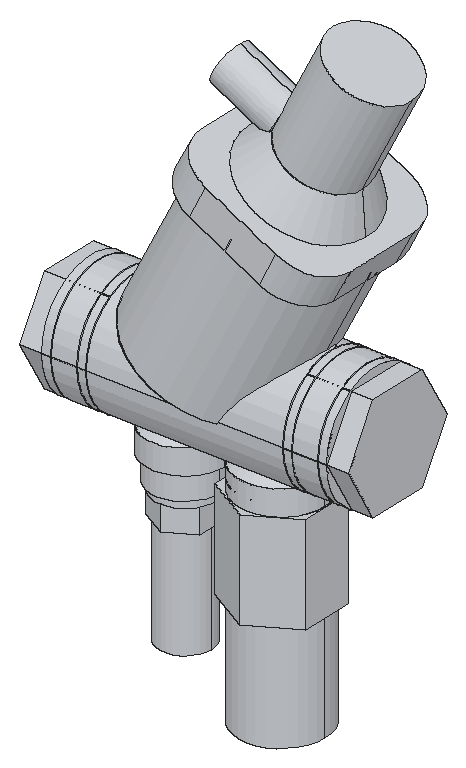
Revit family "PV_Compact_DN015_ 20-60_FF_měř-vyp_RFA_2019", category Pipe Accessories, Revit 2019
Family settings
  Round Connector Dimension = Use Diameter
  Part Type = Valve - Breaks Into
  Work Plane-Based = No
  Always vertical = Yes
  Cut with Voids When Loaded = No
  Shared = No
Parameters (values of type "PV Compact DN15 FF s měřením a vypouštěním (20-60kPa)")
  magiProductId = "ebd4dd38c61a47e78db1b31e427098"
  magiProductFamilyId = "88c57951ecb64b5d83dd1d4eb8fc72"
  magiPartTypeId = 304
  isMeasuringValve [instance] = no
  ang2D [instance] = 0.00°
  Z7 = 15 mm
  Z6 = 24.6 mm
  Z5 = 57.4 mm
  Z4 = 49.2 mm
  Z3 = 8.2 mm
  Z2 = 41 mm
  XR3 = 30 mm
  XR2 = 25 mm
  XR1 = 13 mm
  W2D = 15 mm
  VersionID = "2.0/2018.12.13.2/FRESE_PV_COMPACT_PLUG_Q13_001"
  Use Minimum Symbol Size [instance] = no
  URL = "www.hydronic.cz"
  Type Comments = "závitový s vnitřním závitem; s měřicí vsuvkou a vypouštěním; PN25; dpmax=450kPa; -10~+120°C"
  R5 = 5 mm
  R4 = 15 mm
  R3 = 10 mm
  R2 = 14 mm
  R1 = 19 mm
  QmdConnectorList = "301;D;302;D"
  Productdata [instance] = ""
  PH__ve = -PH  # -22.4 mm
  PH = 22.4 mm
  NL__ve = -NL  # -15 mm
  NL = 15 mm
  Manufacturer = "Hydronic Systems Prague s.r.o."
  MC Use Limits From Balancing Method = no
  MC Throttling Minimum Value = 0
  MC Throttling Maximum Value = 0
  MC Product Code = "53-3243 DN15; FF; nastavitelný rozsah dp=20~60kPa; Q=100~1000l/h;  kvs=2,9"
  MC Pressure Drop Minimum Value = 0.0 Pa
  MC Pressure Drop Maximum Value = 0.0 Pa
  MC Piping Given Pressure Drop [instance] = 0.0 Pa
  M5 = 32.5 mm
  M4 = 30.5 mm
  M3 = 24.5 mm
  M2 = 22.5 mm
  LP = 37.5 mm
  LM = 45 mm
  LL__ve = -LL  # -5.7 mm
  LLT__ve = -LLT  # -14.9 mm
  LLT = 14.9 mm
  LL2 = 32 mm
  LL = 5.7 mm
  L3 = 11 mm
  L2D_Min = 30.48 mm
  L2D = 65 mm
  Description = "Nastavitelný regulátor tlakové diference"
  DR1 = yes
  DR0 = no
  DL2 = 66 mm
  D = 15 mm
  CenSd_R2_6 = R2 * cos(30.00°)  # 12.124 mm
  CAT0 = yes
  C0D1 = yes
  C0D0 = no
Types (10, lengths in mm): name | magiProductId | Z6 | Z5 | Z4 | Z3 | Z2 | XR3 | XR2 | XR1 | R2 | R1 | PH__ve | PH | NL__ve | NL | MC Product Code | M5 | M4 | M3 | M2 | LP | LM | LL__ve | LLT__ve | LLT | LL2 | LL | L3 | DL2 | D | CenSd_R2_6
  PV Compact DN15 FF s měřením a vypouštěním (20-60kPa) | "ebd4dd38c61a47e78db1b31e427098" | 24.6 | 57.4 | 49.2 | 8.2 | 41 | 30 | 25 | 13 | 14 | 19 | -22.4 | 22.4 | -15 | 15 | "53-3243 DN15; FF; nastavitelný rozsah dp=20~60kPa; Q=100~1000l/h;  kvs=2,9" | 32.5 | 30.5 | 24.5 | 22.5 | 37.5 | 45 | -5.7 | -14.9 | 14.9 | 32 | 5.7 | 11 | 66 | 15 | 12.124
  PV Compact DN15 FF s měřením a vypouštěním ( 5-30kPa) | "1e13aaf8f1b54965adca1ab26bd771" | 24.6 | 57.4 | 49.2 | 8.2 | 41 | 30 | 25 | 13 | 14 | 19 | -22.4 | 22.4 | -15 | 15 | "53-3242 DN15; FF; nastavitelný rozsah dp=5~30kPa; Q=50~600l/h;  kvs=2,9" | 32.5 | 30.5 | 24.5 | 22.5 | 37.5 | 45 | -5.7 | -14.9 | 14.9 | 32 | 5.7 | 11 | 66 | 15 | 12.124
  PV Compact DN20 FF s měřením a vypouštěním (20-60kPa) | "6d4e29c475624129ae1d8630218e83" | 24.6 | 57.4 | 49.2 | 8.2 | 41 | 30 | 25 | 13 | 14 | 19 | -22.4 | 22.4 | -15.8 | 15.8 | "53-3245 DN20; FF; nastavitelný rozsah dp=20~60kPa; Q=150~2000l/h;  kvs=3,5" | 33.7 | 31.7 | 25.7 | 23.7 | 39.5 | 47.4 | -5.7 | -14.9 | 14.9 | 32 | 5.7 | 11 | 66 | 20 | 12.124
  PV Compact DN20 FF s měřením a vypouštěním ( 5-30kPa) | "3c7d936801344d2a9486b3d5f20c15" | 24.6 | 57.4 | 49.2 | 8.2 | 41 | 30 | 25 | 13 | 14 | 19 | -22.4 | 22.4 | -15.8 | 15.8 | "53-3244 DN20; FF; nastavitelný rozsah dp=5~30kPa; Q=100~1000l/h;  kvs=3,5" | 33.7 | 31.7 | 25.7 | 23.7 | 39.5 | 47.4 | -5.7 | -14.9 | 14.9 | 32 | 5.7 | 11 | 66 | 20 | 12.124
  PV Compact DN25 FF s měřením a vypouštěním ( 5-30kPa) | "40b783a088714ff8af367f7ba18a04" | 25.5 | 59.5 | 51 | 8.5 | 42.5 | 30 | 25 | 13 | 14 | 19 | -22.8 | 22.8 | -16.6 | 16.6 | "53-3251 DN25; FF; nastavitelný rozsah dp=5~30kPa; Q=600~2100l/h;  kvs=4,0" | 34.9 | 32.9 | 26.9 | 24.9 | 41.5 | 49.8 | -5.9 | -16.3 | 16.3 | 34 | 5.9 | 11 | 68 | 25 | 12.124
  PV Compact DN25L FF s měřením a vypouštěním (20-80kPa) | "7052257d0cc94620b8f60c4ac85ccd" | 40.2 | 93.8 | 80.4 | 13.4 | 67 | 42.5 | 37.5 | 25.5 | 26.5 | 31.5 | -23.6 | 23.6 | -20 | 20 | "53-3247 DN25; FF; nastavitelný rozsah dp=20~80kPa; Q=750~4200l/h;  kvs=8,7" | 40 | 38 | 32 | 30 | 50 | 60 | -6.3 | -19.1 | 19.1 | 38 | 6.3 | 11 | 72 | 25 | 22.95
  PV Compact DN25L FF s měřením a vypouštěním ( 5-30kPa) | "006ff7ff77e34fd39e52f3f4c37192" | 40.2 | 93.8 | 80.4 | 13.4 | 67 | 42.5 | 37.5 | 25.5 | 26.5 | 31.5 | -23.6 | 23.6 | -20 | 20 | "53-3246 DN25L; FF; nastavitelný rozsah dp=5~30kPa; Q=600~2500l/h;  kvs=8,7" | 40 | 38 | 32 | 30 | 50 | 60 | -6.3 | -19.1 | 19.1 | 38 | 6.3 | 11 | 72 | 25 | 22.95
  PV Compact DN32 FF s měřením a vypouštěním (20-80kPa) | "e53839f5e58040c69ad69dcf8b7122" | 40.2 | 93.8 | 80.4 | 13.4 | 67 | 42.5 | 37.5 | 25.5 | 26.5 | 31.5 | -24.6 | 24.6 | -20.8 | 20.8 | "53-3248 DN32; FF; nastavitelný rozsah dp=20~80kPa; Q=1000~5000l/h;  kvs=10,1" | 41.2 | 39.2 | 33.2 | 31.2 | 52 | 62.4 | -6.8 | -22.6 | 22.6 | 43 | 6.8 | 25 | 77 | 32 | 22.95
  PV Compact DN40 FF s měřením a vypouštěním (20-80kPa) | "edae53f0ee9843aa9c005a0dbc2db4" | 46.8 | 109.2 | 93.6 | 15.6 | 78 | 42.5 | 37.5 | 25.5 | 26.5 | 31.5 | -25.2 | 25.2 | -27.6 | 27.6 | "53-3249 DN40; FF; nastavitelný rozsah dp=20~80kPa; Q=3000~8000l/h;  kvs=15,8" | 51.4 | 49.4 | 43.4 | 41.4 | 69 | 82.8 | -7.1 | -24.7 | 24.7 | 46 | 7.1 | 25 | 80 | 40 | 22.95
  PV Compact DN50 FF s měřením a vypouštěním (20-80kPa) | "7572286e99104aaeaae4a504f9a6dd" | 46.8 | 109.2 | 93.6 | 15.6 | 78 | 42.5 | 37.5 | 25.5 | 35.25 | 31.5 | -26.4 | 26.4 | -27.6 | 27.6 | "53-3250 DN50; FF; nastavitelný rozsah dp=20~80kPa; Q=5000~11500l/h;  kvs=16,2" | 51.4 | 49.4 | 43.4 | 41.4 | 69 | 82.8 | -7.7 | -28.9 | 28.9 | 52 | 7.7 | 25 | 86 | 50 | 30.527
Reference planes
  plane 1 "Center (Front/Back)": y = 0
  plane 2 "XYPLANE": z = 0
  plane 3 "Center (Left/Right)": x = 0
  plane 4 "408": x = 37.5
  plane 5 "407": x = -37.5
  plane 6 "402": z = -66
  plane 7 "213": x = 11
  plane 8 "168": z = -10.9
  plane 9 "167": z = -12.9
  plane 10 "166": z = -18.6
  plane 11 "165": z = -24.3
  plane 12 "164": z = -26.3
  plane 13 "154": z = 0
  plane 14 "152": y = 0
  plane 15 "151": z = -32
  plane 16 "150": x = -11
  plane 17 "75": through (318.218, 0, 679.605) normal (0.891, 0, -0.454)
  plane 18 "74": x = 32.5
  plane 19 "73": x = 30.5
  plane 20 "72": x = 24.5
  plane 21 "71": x = 22.5
  plane 22 "70": x = -32.5
  plane 23 "69": x = -30.5
  plane 24 "68": x = -24.5
  plane 25 "67": y = 0
  plane 26 "66": through (-666.893, 0, 343.166) normal (0.454, 0, 0.891)
  plane 27 "65": x = -22.5
  plane 28 "64": through (335.147, 0, 670.979) normal (0.891, 0, -0.454)
  plane 29 "63": through (-649.641, 0, 377.024) normal (0.454, 0, 0.891)
  plane 30 "62": through (352.076, 0, 662.353) normal (0.891, 0, -0.454)
  plane 31 "61": y = 19
  plane 32 "60": y = -19
  plane 33 "59": through (-645.919, 0, 384.33) normal (0.454, 0, 0.891)
  plane 34 "58": through (-642.196, 0, 391.637) normal (0.454, 0, 0.891)
  plane 35 "57": through (313.763, 0, 681.875) normal (0.891, 0, -0.454)
  plane 36 "56": x = 0
  plane 37 "55": through (-668.255, 0, 340.493) normal (0.454, 0, 0.891)
  plane 38 "102XY": through (-668.255, 0, 340.493) normal (0.454, 0, 0.891)
  plane 39 "102XZ": y = 0
  plane 40 "102YZ": through (340.493, 0, 668.255) normal (0.891, 0, -0.454)
Forms (mm)
  Extrusion 1, solid
    sketch origin (37.5, -750, 0) x (0, 1, 0) y (0, 0, 1)
      loop
        line (764, 0) -> (757, 12.124) -> (743, 12.124) -> (736, 0) -> (743, -12.124) -> (757, -12.124) -> (764, 0)
    from 0 to -15 <- "NL__ve"
  Extrusion 2, solid
    sketch origin (-37.5, -750, 0) x (0, 1, 0) y (0, 0, 1)
      loop
        line (736, 0) -> (743, -12.124) -> (757, -12.124) -> (764, 0) -> (757, 12.124) -> (743, 12.124) -> (736, 0)
    from 0 to 15 <- "NL"
  Extrusion 3, solid, visible <- "C0D1"
    sketch origin (-750, 0, -66) x (1, 0, 0) y (0, 1, 0)
      loop
        circle (761, 0) r 10
    from 0 to 50
  Extrusion 4, solid, visible <- "DR1"
    sketch origin (-750, 0, -18.6) x (1, 0, 0) y (0, 1, 0)
      loop
        line (761, -12) -> (771.392, -6) -> (771.392, 6) -> (761, 12) -> (750.608, 6) -> (750.608, -6) -> (761, -12)
    from 0 to -22.4 <- "PH__ve"
  Extrusion 5, solid, visible <- "DR1"
    sketch origin (-750, 0, -18.6) x (1, 0, 0) y (0, 1, 0)
      loop
        circle (761, 0) r 10
    from 0 to 5.7 <- "LL"
  Blend 6, solid, visible <- "DR1"
    base sketch origin (-750, 0, -10.9) x (1, 0, 0) y (0, 1, 0)
      loop
        circle (761, 0) r 7.5
    top sketch origin (-750, 0, -10.9) x (1, 0, 0) y (0, 1, 0)
      loop
        circle (761, 0) r 10
    from 0 to -2
  Extrusion 7, solid, visible <- "DR1"
    sketch origin (-750, 0, 0) x (1, 0, 0) y (0, 1, 0)
      loop
        circle (761, 0) r 7.5
    from 0 to -14.9 <- "LLT__ve"
  Extrusion 8, solid, visible <- "C0D0"
    sketch origin (-750, 0, -32) x (1, 0, 0) y (0, 1, 0)
      loop
        circle (761, 0) r 6
    from 0 to -25
  Extrusion 9, solid, visible <- "DR0"
    sketch origin (-750, 0, -26.3) x (1, 0, 0) y (0, 1, 0)
      loop
        line (761, -7) -> (767.062, -3.5) -> (767.062, 3.5) -> (761, 7) -> (754.938, 3.5) -> (754.938, -3.5) -> (761, -7)
    from 0 to -5.7 <- "LL__ve"
  Extrusion 10, solid, visible <- "DR0"
    sketch origin (-750, 0, -26.3) x (1, 0, 0) y (0, 1, 0)
      loop
        circle (761, 0) r 7
    from 0 to 2
  Extrusion 11, solid, visible <- "DR0"
    sketch origin (-750, 0, -18.6) x (1, 0, 0) y (0, 1, 0)
      loop
        circle (761, 0) r 9
    from 0 to 5.7 <- "LL"
  Blend 12, solid, visible <- "DR0"
    base sketch origin (-750, 0, -10.9) x (1, 0, 0) y (0, 1, 0)
      loop
        circle (761, 0) r 6.5
    top sketch origin (-750, 0, -10.9) x (1, 0, 0) y (0, 1, 0)
      loop
        circle (761, 0) r 9
    from 0 to -2
  Extrusion 13, solid, visible <- "DR0"
    sketch origin (-750, 0, 0) x (1, 0, 0) y (0, 1, 0)
      loop
        circle (761, 0) r 6.5
    from 0 to -14.9 <- "LLT__ve"
  Extrusion 14, solid, visible <- "DR0"
    sketch origin (-750, 0, 0) x (1, 0, 0) y (0, 1, 0)
      loop
        circle (761, 0) r 6.5
    from 0 to -14.9 <- "LLT__ve"
  Blend 15, solid, visible <- "DR0"
    base sketch origin (-750, 0, -10.9) x (1, 0, 0) y (0, 1, 0)
      loop
        circle (761, 0) r 6.5
    top sketch origin (-750, 0, -10.9) x (1, 0, 0) y (0, 1, 0)
      loop
        circle (761, 0) r 9
    from 0 to -2
  Extrusion 16, solid, visible <- "DR0"
    sketch origin (-750, 0, -18.6) x (1, 0, 0) y (0, 1, 0)
      loop
        circle (761, 0) r 9
    from 0 to 5.7 <- "LL"
  Extrusion 17, solid, visible <- "DR0"
    sketch origin (-750, 0, -24.3) x (1, 0, 0) y (0, 1, 0)
      loop
        circle (761, 0) r 8
    from 0 to 5.7 <- "LL"
  Extrusion 18, solid, visible <- "DR0"
    sketch origin (-750, 0, -26.3) x (1, 0, 0) y (0, 1, 0)
      loop
        circle (761, 0) r 7
    from 0 to 2
  Extrusion 19, solid, visible <- "DR0"
    sketch origin (-750, 0, -26.3) x (1, 0, 0) y (0, 1, 0)
      loop
        line (761, -7) -> (767.062, -3.5) -> (767.062, 3.5) -> (761, 7) -> (754.938, 3.5) -> (754.938, -3.5) -> (761, -7)
    from 0 to -5.7 <- "LL__ve"
  Extrusion 20, solid, visible <- "C0D0"
    sketch origin (-750, 0, -32) x (1, 0, 0) y (0, 1, 0)
      loop
        circle (761, 0) r 6
    from 0 to -25
  Extrusion 21, solid, visible <- "CAT0"
    sketch origin (-750, 0, -32) x (1, 0, 0) y (0, 1, 0)
      loop
        circle (739, 0) r 6
    from 0 to -25
  Extrusion 22, solid
    sketch origin (-750, 0, -26.3) x (1, 0, 0) y (0, 1, 0)
      loop
        line (739, -7) -> (745.062, -3.5) -> (745.062, 3.5) -> (739, 7) -> (732.938, 3.5) -> (732.938, -3.5) -> (739, -7)
    from 0 to -5.7 <- "LL__ve"
  Extrusion 23, solid
    sketch origin (-750, 0, -26.3) x (1, 0, 0) y (0, 1, 0)
      loop
        circle (739, 0) r 7
    from 0 to 2
  Extrusion 24, solid
    sketch origin (-750, 0, -24.3) x (1, 0, 0) y (0, 1, 0)
      loop
        circle (739, 0) r 8
    from 0 to 5.7 <- "LL"
  Extrusion 25, solid
    sketch origin (-750, 0, -18.6) x (1, 0, 0) y (0, 1, 0)
      loop
        circle (739, 0) r 9
    from 0 to 5.7 <- "LL"
  Blend 26, solid
    base sketch origin (-750, 0, -10.9) x (1, 0, 0) y (0, 1, 0)
      loop
        circle (739, 0) r 6.5
    top sketch origin (-750, 0, -10.9) x (1, 0, 0) y (0, 1, 0)
      loop
        circle (739, 0) r 9
    from 0 to -2
  Extrusion 27, solid
    sketch origin (-750, 0, 0) x (1, 0, 0) y (0, 1, 0)
      loop
        circle (739, 0) r 6.5
    from 0 to -14.9 <- "LLT__ve"
  Blend 28, solid, visible <- "CAT0"
    base sketch origin (30.5, -750, 0) x (0, 1, 0) y (0, 0, 1)
      loop
        circle (750, 0) r 14
    top sketch origin (30.5, -750, 0) x (0, 1, 0) y (0, 0, 1)
      loop
        circle (750, 0) r 14
    from 0 to 2
  Extrusion 29, solid, visible <- "CAT0"
    sketch origin (24.5, -750, 0) x (0, 1, 0) y (0, 0, 1)
      loop
        circle (750, 0) r 14
    from 0 to 6
  Blend 30, solid, visible <- "CAT0"
    base sketch origin (22.5, -750, 0) x (0, 1, 0) y (0, 0, 1)
      loop
        circle (750, 0) r 14
    top sketch origin (22.5, -750, 0) x (0, 1, 0) y (0, 0, 1)
      loop
        circle (750, 0) r 14
    from 0 to 2
  Blend 31, solid, visible <- "CAT0"
    base sketch origin (-30.5, -750, 0) x (0, 1, 0) y (0, 0, 1)
      loop
        circle (750, 0) r 14
    top sketch origin (-30.5, -750, 0) x (0, 1, 0) y (0, 0, 1)
      loop
        circle (750, 0) r 14
    from 0 to -2
  Extrusion 32, solid, visible <- "CAT0"
    sketch origin (-30.5, -750, 0) x (0, 1, 0) y (0, 0, 1)
      loop
        circle (750, 0) r 14
    from 0 to 6
  Blend 33, solid, visible <- "CAT0"
    base sketch origin (-24.5, -750, 0) x (0, 1, 0) y (0, 0, 1)
      loop
        circle (750, 0) r 14
    top sketch origin (-24.5, -750, 0) x (0, 1, 0) y (0, 0, 1)
      loop
        circle (750, 0) r 14
    from 0 to 2
  Extrusion 34, solid, visible <- "CAT0"
    sketch origin (-22.5, -750, 0) x (0, 1, 0) y (0, 0, 1)
      loop
        circle (750, 0) r 14
    from 0 to 45 <- "LM"
  Extrusion 35, solid, visible <- "CAT0"
    sketch origin (-666.893, 0, 343.166) x (0.891007, 0, -0.45399) y (0, 1, 0)
      loop
        circle (744, 0) r 19
    from 0 to 41 <- "Z2"
  Extrusion 36, solid, visible <- "CAT0"
    sketch origin (-649.641, 0, 377.024) x (0.891007, 0, -0.45399) y (0, 1, 0)
      loop
        arc (735, 19) -> (727.929, 16.071) -> (725, 9) r 10
        line (725, 9) -> (725, -9)
        arc (725, -9) -> (727.929, -16.071) -> (735, -19) r 10
        line (735, -19) -> (753, -19)
        arc (753, -19) -> (760.071, -16.071) -> (763, -9) r 10
        line (763, -9) -> (763, 9)
        arc (763, 9) -> (760.071, 16.071) -> (753, 19) r 10
        line (753, 19) -> (735, 19)
    from 0 to 8.2 <- "Z3"
  Blend 37, solid, visible <- "CAT0"
    base sketch origin (-645.919, 0, 384.33) x (0.891007, 0, -0.45399) y (0, 1, 0)
      loop
        circle (744, 0) r 15
    top sketch origin (-645.919, 0, 384.33) x (0.891007, 0, -0.45399) y (0, 1, 0)
      loop
        circle (744, 0) r 10
    from 0 to 8.2
  Extrusion 38, solid, visible <- "CAT0"
    sketch origin (-642.196, 0, 391.637) x (0.891007, 0, -0.45399) y (0, 1, 0)
      loop
        circle (744, 0) r 10
    from 0 to 24.6 <- "Z6"
  Extrusion 39, solid, visible <- "CAT0"
    sketch origin (313.763, 0, 681.875) x (-0.45399, 0, -0.891007) y (0, 1, 0)
      loop
        circle (692.6, 0) r 5
    from 0 to 15 <- "Z7"
  Blend 40, solid, visible <- "CAT0"
    base sketch origin (-668.255, 0, 340.493) x (0.891007, 0, -0.45399) y (0, 1, 0)
      loop
        circle (744, 0) r 15
    top sketch origin (-668.255, 0, 340.493) x (0.891007, 0, -0.45399) y (0, 1, 0)
      loop
        circle (744, 0) r 19
    from 0 to 3
  Extrusion 41, solid, not visible
    sketch origin (-32.5, -750, 0) x (0, 1, 0) y (0, 0, 1)
      loop
        circle (750, 0) r 10
    from 0 to 10
  Extrusion 42, solid, not visible
    sketch origin (32.5, -750, 0) x (0, 1, 0) y (0, 0, 1)
      loop
        circle (750, 0) r 10
    from 0 to -10
Lines and regions (mm)
  reference lines, not visible
    curve 1: circle (2, 2, 0) r 1 normal (0, 0, 1)
  reference lines
    curve 2: line (37.5, 0, 0) -> (37.5, -3.5, 6.062)
    curve 3: line (37.5, 0, 0) -> (37.5, -7, 0)
    curve 4: line (37.5, 0, 0) -> (37.5, -3.5, -6.062)
    curve 5: line (-37.5, 0, 0) -> (-37.5, 3.5, 6.062)
    curve 6: line (-37.5, 0, 0) -> (-37.5, 7, 0)
    curve 7: line (-37.5, 0, 0) -> (-37.5, 3.5, -6.062)
Dimensions and locks
  plane 1 "Center (Front/Back)" to curve 1 = 2 mm
  "LP": plane 36 "56" to plane 4 "408"
  "LP": plane 36 "56" to plane 5 "407"
  "DL2": plane 2 "XYPLANE" to plane 6 "402"
  "L3": plane 3 "Center (Left/Right)" to plane 7 "213"
  locked: plane 9 "167" to plane 8 "168" at 2
  "LL": plane 10 "166" to plane 9 "167"
  "LL": plane 11 "165" to plane 10 "166"
  locked: plane 12 "164" to plane 11 "165" at 2
  "LL": plane 15 "151" to plane 12 "164"
  locked: plane 2 "XYPLANE" to plane 13 "154"
  locked: plane 1 "Center (Front/Back)" to plane 14 "152"
  "LL2": plane 2 "XYPLANE" to plane 15 "151"
  "L3": plane 3 "Center (Left/Right)" to plane 16 "150"
  "XR2": plane 40 "102YZ" to plane 17 "75"
  "M5": plane 3 "Center (Left/Right)" to plane 18 "74"
  "M4": plane 3 "Center (Left/Right)" to plane 19 "73"
  "M3": plane 3 "Center (Left/Right)" to plane 20 "72"
  "M2": plane 3 "Center (Left/Right)" to plane 21 "71"
  "M5": plane 3 "Center (Left/Right)" to plane 22 "70"
  "M4": plane 3 "Center (Left/Right)" to plane 23 "69"
  "M3": plane 3 "Center (Left/Right)" to plane 24 "68"
  locked: plane 14 "152" to plane 25 "67"
  locked: plane 38 "102XY" to plane 26 "66" at 3
  "M2": plane 3 "Center (Left/Right)" to plane 27 "65"
  locked: plane 40 "102YZ" to plane 28 "64" at 6
  "Z2": plane 38 "102XY" to plane 29 "63"
  "XR1": plane 40 "102YZ" to plane 30 "62"
  "R1": plane 14 "152" to plane 31 "61"
  "R1": plane 14 "152" to plane 32 "60"
  "Z4": plane 38 "102XY" to plane 33 "59"
  "Z5": plane 38 "102XY" to plane 34 "58"
  "XR3": plane 40 "102YZ" to plane 35 "57"
  locked: plane 3 "Center (Left/Right)" to plane 36 "56"
  locked: plane 38 "102XY" to plane 37 "55"
  "CenSd_R2_6": curve 2 to Extrusion 1 sketch curve  (x2)
  "CenSd_R2_6": curve 3 to Extrusion 1 sketch curve  (x2)
  "CenSd_R2_6": curve 4 to Extrusion 1 sketch curve  (x2)
  Extrusion 1 sketch curve to Extrusion 1 sketch curve = 0 mm  (x12)
  "CenSd_R2_6": curve 5 to Extrusion 2 sketch curve  (x2)
  "CenSd_R2_6": curve 6 to Extrusion 2 sketch curve  (x2)
  "CenSd_R2_6": curve 7 to Extrusion 2 sketch curve  (x2)
  Extrusion 2 sketch curve to Extrusion 2 sketch curve = 0 mm  (x12)
  Extrusion 4 sketch curve to Extrusion 4 sketch curve = 0 mm  (x12)
  Extrusion 9 sketch curve to Extrusion 9 sketch curve = 0 mm  (x12)
  Extrusion 19 sketch curve to Extrusion 19 sketch curve = 0 mm  (x12)
  Extrusion 22 sketch curve to Extrusion 22 sketch curve = 0 mm  (x12)
  Extrusion 36 sketch curve to Extrusion 36 sketch curve = 0 mm  (x16)
  "R2": radius of Blend 28 sketch curve  (x2)
  "R2": radius of Extrusion 29 sketch curve
  "R2": radius of Blend 30 sketch curve  (x2)
  "R2": radius of Blend 31 sketch curve  (x2)
  "R2": radius of Extrusion 32 sketch curve
  "R2": radius of Blend 33 sketch curve  (x2)
  "R2": radius of Extrusion 34 sketch curve
  "R1": radius of Extrusion 35 sketch curve
  radius of Extrusion 36 sketch curve = 10 mm  (x4)
  "R3": radius of Blend 37 sketch curve
  "R4": radius of Blend 37 sketch curve
  "R3": radius of Extrusion 38 sketch curve
  "R5": radius of Extrusion 39 sketch curve
  "R1": radius of Blend 40 sketch curve
  locked: curve 3 to curve 2 (angle 60.00°)
  locked: curve 4 to curve 3 (angle 60.00°)
  locked: curve 4 to curve 2 (angle 120.00°)
  locked: curve 6 to curve 5 (angle 60.00°)
  locked: curve 7 to curve 6 (angle 60.00°)
  locked: curve 7 to curve 5 (angle 120.00°)
  aligned and locked: level to plane 2 "XYPLANE"
  aligned and locked: plane 13 "154" to curve 4
  aligned and locked: curve 4 to plane 14 "152"
  aligned and locked: plane 13 "154" to curve 7
  aligned and locked: curve 7 to plane 14 "152"
  aligned and locked: plane 7 "213" to Extrusion 3 sketch curve
  aligned and locked: plane 14 "152" to Extrusion 3 sketch curve
  aligned and locked: plane 7 "213" to Extrusion 5 sketch curve
  aligned and locked: plane 14 "152" to Extrusion 5 sketch curve
  aligned and locked: plane 7 "213" to Blend 6 sketch curve  (x2)
  aligned and locked: plane 14 "152" to Blend 6 sketch curve  (x2)
  aligned and locked: Blend 6 to plane 9 "167"
  aligned and locked: plane 7 "213" to Extrusion 7 sketch curve
  aligned and locked: plane 14 "152" to Extrusion 7 sketch curve
  aligned and locked: plane 7 "213" to Extrusion 8 sketch curve
  aligned and locked: plane 14 "152" to Extrusion 8 sketch curve
  aligned and locked: plane 7 "213" to Extrusion 10 sketch curve
  aligned and locked: plane 14 "152" to Extrusion 10 sketch curve
  aligned and locked: plane 7 "213" to Extrusion 11 sketch curve
  aligned and locked: plane 14 "152" to Extrusion 11 sketch curve
  aligned and locked: plane 7 "213" to Blend 12 sketch curve  (x2)
  aligned and locked: plane 14 "152" to Blend 12 sketch curve  (x2)
  aligned and locked: Blend 12 to plane 9 "167"
  aligned and locked: plane 7 "213" to Extrusion 13 sketch curve
  aligned and locked: plane 14 "152" to Extrusion 13 sketch curve
  aligned and locked: plane 7 "213" to Extrusion 14 sketch curve
  aligned and locked: plane 14 "152" to Extrusion 14 sketch curve
  aligned and locked: plane 7 "213" to Blend 15 sketch curve  (x2)
  aligned and locked: plane 14 "152" to Blend 15 sketch curve  (x2)
  aligned and locked: Blend 15 to plane 9 "167"
  aligned and locked: plane 7 "213" to Extrusion 16 sketch curve
  aligned and locked: plane 14 "152" to Extrusion 16 sketch curve
  aligned and locked: plane 7 "213" to Extrusion 17 sketch curve
  aligned and locked: plane 14 "152" to Extrusion 17 sketch curve
  aligned and locked: plane 7 "213" to Extrusion 18 sketch curve
  aligned and locked: plane 14 "152" to Extrusion 18 sketch curve
  aligned and locked: plane 7 "213" to Extrusion 20 sketch curve
  aligned and locked: plane 14 "152" to Extrusion 20 sketch curve
  aligned and locked: plane 14 "152" to Extrusion 21 sketch curve
  aligned and locked: plane 16 "150" to Extrusion 21 sketch curve
  aligned and locked: plane 14 "152" to Extrusion 23 sketch curve
  aligned and locked: plane 16 "150" to Extrusion 23 sketch curve
  aligned and locked: plane 14 "152" to Extrusion 24 sketch curve
  aligned and locked: plane 16 "150" to Extrusion 24 sketch curve
  aligned and locked: plane 14 "152" to Extrusion 25 sketch curve
  aligned and locked: plane 16 "150" to Extrusion 25 sketch curve
  aligned and locked: plane 14 "152" to Blend 26 sketch curve  (x2)
  aligned and locked: plane 16 "150" to Blend 26 sketch curve  (x2)
  aligned and locked: Blend 26 to plane 9 "167"
  aligned and locked: plane 14 "152" to Extrusion 27 sketch curve
  aligned and locked: plane 16 "150" to Extrusion 27 sketch curve
  aligned and locked: plane 13 "154" to Blend 28 sketch curve  (x2)
  aligned and locked: Blend 28 sketch curve to plane 14 "152"  (x2)
  aligned and locked: plane 18 "74" to Blend 28
  aligned and locked: plane 13 "154" to Extrusion 29 sketch curve
  aligned and locked: Extrusion 29 sketch curve to plane 14 "152"
  aligned and locked: plane 13 "154" to Blend 30 sketch curve  (x2)
  aligned and locked: Blend 30 sketch curve to plane 14 "152"  (x2)
  aligned and locked: plane 20 "72" to Blend 30
  aligned and locked: plane 13 "154" to Blend 31 sketch curve  (x2)
  aligned and locked: Blend 31 sketch curve to plane 14 "152"  (x2)
  aligned and locked: Blend 31 to plane 22 "70"
  aligned and locked: plane 13 "154" to Extrusion 32 sketch curve
  aligned and locked: Extrusion 32 sketch curve to plane 14 "152"
  aligned and locked: plane 13 "154" to Blend 33 sketch curve  (x2)
  aligned and locked: Blend 33 sketch curve to plane 14 "152"  (x2)
  aligned and locked: plane 27 "65" to Blend 33
  aligned and locked: plane 13 "154" to Extrusion 34 sketch curve
  aligned and locked: Extrusion 34 sketch curve to plane 14 "152"
  aligned and locked: plane 25 "67" to Extrusion 35 sketch curve
  aligned and locked: Extrusion 35 sketch curve to plane 28 "64"
  aligned and locked: Extrusion 36 sketch curve to plane 17 "75"
  aligned and locked: Extrusion 36 sketch curve to plane 32 "60"
  aligned and locked: Extrusion 36 sketch curve to plane 30 "62"
  aligned and locked: plane 31 "61" to Extrusion 36 sketch curve
  aligned and locked: plane 25 "67" to Blend 37 sketch curve  (x2)
  aligned and locked: Blend 37 sketch curve to plane 28 "64"  (x2)
  aligned and locked: plane 34 "58" to Blend 37
  aligned and locked: plane 25 "67" to Extrusion 38 sketch curve
  aligned and locked: Extrusion 38 sketch curve to plane 28 "64"
  aligned and locked: plane 25 "67" to Extrusion 39 sketch curve
  aligned and locked: plane 34 "58" to Extrusion 39 sketch curve
  aligned and locked: plane 25 "67" to Blend 40 sketch curve  (x2)
  aligned and locked: Blend 40 sketch curve to plane 28 "64"  (x2)
  aligned and locked: plane 26 "66" to Blend 40
  aligned and locked: plane 13 "154" to Extrusion 41 sketch curve
  aligned and locked: Extrusion 41 sketch curve to plane 14 "152"
  aligned and locked: plane 13 "154" to Extrusion 42 sketch curve
  aligned and locked: Extrusion 42 sketch curve to plane 14 "152"
Automatic sketch dimensions
  plane 3 "Center (Left/Right)" to Extrusion 3 sketch curve = 1 mm
  Extrusion 4 sketch curve to plane 7 "213" = 0 mm  (x2)
  plane 3 "Center (Left/Right)" to Extrusion 4 sketch curve = 0.608 mm
  Extrusion 4 sketch curve to plane 21 "71" = 1.108 mm
  plane 32 "60" to Extrusion 4 sketch curve = 7 mm
  plane 1 "Center (Front/Back)" to Extrusion 4 sketch curve = 6 mm  (x2)
  Extrusion 4 sketch curve to plane 1 "Center (Front/Back)" = 6 mm  (x2)
  Extrusion 4 sketch curve to plane 31 "61" = 7 mm
  plane 3 "Center (Left/Right)" to Extrusion 5 sketch curve = 1 mm
  plane 3 "Center (Left/Right)" to Blend 6 sketch curve = 3.5 mm
  plane 3 "Center (Left/Right)" to Blend 6 sketch curve = 1 mm
  plane 3 "Center (Left/Right)" to Extrusion 7 sketch curve = 3.5 mm
  plane 3 "Center (Left/Right)" to Extrusion 8 sketch curve = 5 mm
  Extrusion 9 sketch curve to plane 7 "213" = 0 mm  (x2)
  plane 3 "Center (Left/Right)" to Extrusion 9 sketch curve = 4.938 mm
  Extrusion 9 sketch curve to plane 21 "71" = 5.438 mm
  plane 1 "Center (Front/Back)" to Extrusion 9 sketch curve = 7 mm
  plane 1 "Center (Front/Back)" to Extrusion 9 sketch curve = 3.5 mm  (x2)
  Extrusion 9 sketch curve to plane 1 "Center (Front/Back)" = 3.5 mm  (x2)
  Extrusion 9 sketch curve to Extrusion 9 sketch curve = 3.5 mm
  plane 3 "Center (Left/Right)" to Extrusion 10 sketch curve = 4 mm
  plane 3 "Center (Left/Right)" to Extrusion 11 sketch curve = 2 mm
  plane 3 "Center (Left/Right)" to Blend 12 sketch curve = 4.5 mm
  plane 3 "Center (Left/Right)" to Blend 12 sketch curve = 2 mm
  plane 3 "Center (Left/Right)" to Extrusion 13 sketch curve = 4.5 mm
  plane 3 "Center (Left/Right)" to Extrusion 14 sketch curve = 4.5 mm
  plane 3 "Center (Left/Right)" to Blend 15 sketch curve = 4.5 mm
  plane 3 "Center (Left/Right)" to Blend 15 sketch curve = 2 mm
  plane 3 "Center (Left/Right)" to Extrusion 16 sketch curve = 2 mm
  plane 3 "Center (Left/Right)" to Extrusion 17 sketch curve = 3 mm
  plane 3 "Center (Left/Right)" to Extrusion 18 sketch curve = 4 mm
  Extrusion 19 sketch curve to plane 7 "213" = 0 mm  (x2)
  plane 3 "Center (Left/Right)" to Extrusion 19 sketch curve = 4.938 mm
  Extrusion 19 sketch curve to plane 21 "71" = 5.438 mm
  plane 1 "Center (Front/Back)" to Extrusion 19 sketch curve = 7 mm
  plane 1 "Center (Front/Back)" to Extrusion 19 sketch curve = 3.5 mm  (x2)
  Extrusion 19 sketch curve to plane 1 "Center (Front/Back)" = 3.5 mm  (x2)
  Extrusion 19 sketch curve to Extrusion 19 sketch curve = 3.5 mm
  plane 3 "Center (Left/Right)" to Extrusion 20 sketch curve = 5 mm
  plane 27 "65" to Extrusion 21 sketch curve = 5.5 mm
  Extrusion 22 sketch curve to plane 16 "150" = 0 mm  (x2)
  plane 27 "65" to Extrusion 22 sketch curve = 5.438 mm
  Extrusion 22 sketch curve to plane 3 "Center (Left/Right)" = 4.938 mm
  plane 1 "Center (Front/Back)" to Extrusion 22 sketch curve = 7 mm
  plane 1 "Center (Front/Back)" to Extrusion 22 sketch curve = 3.5 mm  (x2)
  Extrusion 22 sketch curve to plane 1 "Center (Front/Back)" = 3.5 mm  (x2)
  Extrusion 22 sketch curve to Extrusion 22 sketch curve = 3.5 mm
  plane 27 "65" to Extrusion 23 sketch curve = 4.5 mm
  plane 27 "65" to Extrusion 24 sketch curve = 3.5 mm
  plane 27 "65" to Extrusion 25 sketch curve = 2.5 mm
  plane 27 "65" to Blend 26 sketch curve = 5 mm
  plane 27 "65" to Blend 26 sketch curve = 2.5 mm
  plane 27 "65" to Extrusion 27 sketch curve = 5 mm
  plane 17 "75" to Blend 40 sketch curve = 4 mm
  plane 32 "60" to Extrusion 41 sketch curve = 9 mm
  plane 32 "60" to Extrusion 42 sketch curve = 9 mm
  plane 3 "Center (Left/Right)" to curve 1 = 2 mm
  radius of curve 1 = 1 mm
Connectors
  piping at (-32.5, 0, 0), diameter 15, driven by "D"
    settings: on Extrusion 41, index 1, connector inside diameter 609.6 mm, connector length 0 mm, flow factor 0, pipe flow 0.0 L/s, pressure drop 0.0 Pa, fitting loss kfactor 0, connector angle 0.00°, fixture units 0, engagement length 0 mm, angle of deflection 0.00°, flow configuration 0, flow direction 0, fitting loss method 0, system type 29, joint type 0, gender type 0, connector reference index 2, connector utility 0, adjustable connector no, is connector primary yes, connector description ""
  piping at (32.5, 0, 0), diameter 15, driven by "D"
    settings: on Extrusion 42, index 2, connector inside diameter 609.6 mm, connector length 0 mm, flow factor 0, pipe flow 0.0 L/s, pressure drop 0.0 Pa, fitting loss kfactor 0, connector angle 0.00°, fixture units 0, engagement length 0 mm, angle of deflection 0.00°, flow configuration 0, flow direction 0, fitting loss method 0, system type 29, joint type 0, gender type 0, connector reference index 1, connector utility 0, adjustable connector no, is connector primary no, connector description ""
